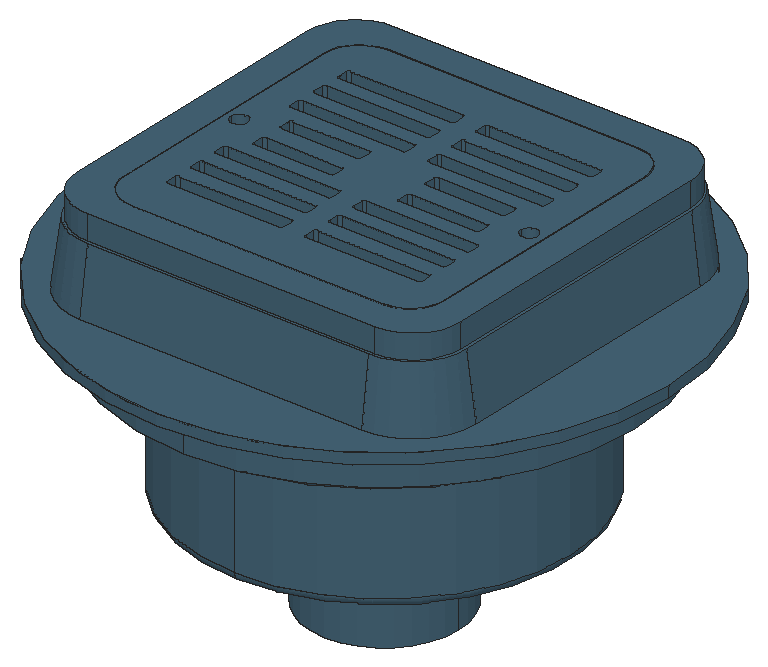
Revit family "Drain_Floor_Square_Hinged_9_Inch_Diameter_Zurn-Z513-Heavy-Duty", category Plumbing Fixtures, Revit 2022
Family settings
  Round Connector Dimension = Use Radius
  Part Type = Normal
  OmniClass Number = 23.45.55.21
  OmniClass Title = Drains (Wastes)
  Work Plane-Based = No
  Always vertical = Yes
  Cut with Voids When Loaded = No
  Maintain Annotation Orientation = No
  Shared = No
  Room Calculation Point = No
Parameters (values of type "Z513-3 Inch Neo-Loc Outlet")
  ZN_Top Visibility = no
  ZN_Top = 9.000"
  ZN_Frame Height = 2.3125"
  Width = 9.000"
  Waste Connection = 1 = 1  # yes
  WFU = 1  # constant formula
  Vent Connection = 1 = 0  # no
  URL = "www.zurn.com"
  Product data URL = "https://www.bimobject.com/en-in/zurnindustries/product/zurn-z513"
  Product Page URL = "https://www.zurn.com/products/drainage-interceptors/floor-drains/area-drains/z513"
  Product Documentation Link = "https://files.zurn.com/spec-sheets/z513.pdf"
  Modified Date = "12/12/2025"  # constant formula
  Model = "Z513"  # constant formula
  Manufacturer Brand = "Zurn"  # constant formula
  Manufacturer = "Zurn Water, LLC"  # constant formula
  HWFU = 0  # constant formula
  HW Connection = 1 = 0  # no
  Grate width = 7.500"
  Grate Width = 7.500"
  Grate Open Area Sq. In = 20.000"  # constant formula
  Description = "9 [229] SQUARE HINGED HEAVY-DUTY DRAIN"  # constant formula
  Date Created = "11/13/2018"  # constant formula
  CWFU = 0  # constant formula
  CW Connection = 1 = 0  # no
  Bottom Plate Width = 13.375"
  Pipe Size_A Outer Radius = 1.750"
  Pipe Size_A Nominal Radius = 1.500"
  Pipe Size_A Inside Radius = 1.534"
  Main Material = Iron - Zurn - Cast - Painted - Blue
  Grate Material = Iron - Zurn - Cast - Painted - Blue
  Default Elevation = 20.000"
  Body Height_E [instance] = 6.625"
  B = 1.73622"
  Assembly Code = "D2030300"
  Approx. Wt.Lbs. = 57.000"  # constant formula
Types (5): name | ZN_Top Visibility | ZN_Top | ZN_Frame Height | Grate width | Pipe Size_A Outer Radius | Pipe Size_A Nominal Radius | Pipe Size_A Inside Radius | Grate Material | Default Elevation
  (no name) | no | 9.000" | 2.3125" | 7.500" | 1.750" | 1.500" | 1.534" | Iron - Zurn - Cast - Painted - Blue | 20.000"
  Z513-3 Inch Neo-Loc Outlet | no | 9.000" | 2.3125" | 7.500" | 1.750" | 1.500" | 1.534" | Iron - Zurn - Cast - Painted - Blue | 20.000"
  Z513-4 Inch Neo-Loc Outlet | no | 9.000" | 2.313" | 7.500" | 2.250" | 2.000" | 2.013" | Iron - Zurn - Cast - Painted - Blue | 0.000"
  ZN513-3 Inch Neo-Loc Outlet | yes | 9.750" | 2.500" | 7.500" | 1.750" | 1.500" | 1.534" | Bronze - Zurn - Polished Nickel | 0.000"
  ZN513-4 Inch Neo-Loc Outlet | yes | 9.750" | 2.500" | 8.375" | 2.250" | 2.000" | 2.013" | Bronze - Zurn - Polished Nickel | 0.000"
Reference planes (in)
  plane 1 "Center (Front/Back)": y = 0
  plane 2: z = 0
  plane 3 "Center (Left/Right)": x = 0
  plane 4: z = -2.3125
  plane 5: z = -8.9375
  plane 6: y = -4.5
  plane 7: y = 4.5
  plane 8: y = -6.6875
  plane 9: y = 6.6875
  plane 10: x = -6.6875
  plane 11: x = 6.6875
  plane 12: x = -4.5
  plane 13: x = 4.5
  plane 14: z = -6.625
  plane 15 "ZN_Plane-1": x = -4.5
  plane 16 "ZN_Plane 2": x = 4.5
  plane 17: z = -0.5625
  plane 18: z = 0
  plane 19: x = -1.75
  plane 20: x = 1.75
  plane 21: y = 1.75
  plane 22: y = -1.75
  plane 23: z = 0
  plane 24: z = -2.0625
  plane 25: z = -0.28125
  plane 26: y = -4.5
  plane 27: y = 4.5
  plane 28: y = 2.95
  plane 29: y = -2.95
  plane 30: y = 2.16667
  plane 31: y = 1.08333
  plane 32: y = -1.08333
  plane 33: y = -3.25
  plane 34: y = -2.16667
  plane 35: y = 3.25
  plane 36: x = -2.16667
  plane 37: x = -1.08333
  plane 38: x = 1.08333
  plane 39: x = 2.16667
  plane 40: x = 3.25
  plane 41: x = -3.25
Forms (in)
  Extrusion 1, solid, material "Iron - Zurn - Cast - Painted - Blue" <- "Main Material", detail levels fine
    sketch origin (0, 0, 0) x (1, 0, 0) y (0, 1, 0)
      loop
        circle (0, 0) r 6.6875
      loop
        arc (-3.30442, 4.15625) -> (-3.92885, 3.8976) -> (-4.1875, 3.27317) r 0.88308
        line (-4.1875, 3.27317) -> (-4.1875, -3.27317)
        arc (-4.1875, -3.27317) -> (-3.92885, -3.8976) -> (-3.30442, -4.15625) r 0.88308
        line (-3.30442, -4.15625) -> (3.30442, -4.15625)
        arc (3.30442, -4.15625) -> (3.92885, -3.8976) -> (4.1875, -3.27317) r 0.88308
        line (4.1875, -3.27317) -> (4.1875, 3.27317)
        arc (4.1875, 3.27317) -> (3.92885, 3.8976) -> (3.30442, 4.15625) r 0.88308
        line (3.30442, 4.15625) -> (-3.30442, 4.15625)
    from -2.0625 to -2.3125
  Sweep 2, solid, material "Iron - Zurn - Cast - Painted - Blue" <- "Main Material", detail levels fine
    path origin (0, 0, 0) x (1, 0, 0) y (0, 1, 0)
      loop
        arc (3.30442, -4.1875) -> (3.92885, -3.92885) -> (4.1875, -3.30442) r 0.88308
        line (4.1875, -3.30442) -> (4.1875, 3.30442)
        arc (4.1875, 3.30442) -> (3.92885, 3.92885) -> (3.30442, 4.1875) r 0.88308
        line (3.30442, 4.1875) -> (-3.30442, 4.1875)
        arc (-3.30442, 4.1875) -> (-3.92885, 3.92885) -> (-4.1875, 3.30442) r 0.88308
        line (-4.1875, 3.30442) -> (-4.1875, -3.30442)
        arc (-4.1875, -3.30442) -> (-3.92885, -3.92885) -> (-3.30442, -4.1875) r 0.88308
        line (-3.30442, -4.1875) -> (3.30442, -4.1875)
    profile origin (0, -4.1875, 0) x (0, -1, 0) y (0, 0, 1)
      loop
        line (-0.12993, -0.5625) -> (-0.12993, -2.3125) -> (0.64267, -2.3125) -> (0.40129, -0.5625) -> (-0.12993, -0.5625)
  Revolve 3, solid, material "Iron - Zurn - Cast - Painted - Blue" <- "Main Material", detail levels fine
    sketch origin (0, 0, 0) x (0, 1, 0) y (0, 0, 1)
      loop
        line (-4.386, -3.71233) -> (-4.386, -6.42433)
        arc (-4.386, -6.42433) -> (-4.33223, -6.56125) -> (-4.19967, -6.625) r 0.20122
        line (-4.19967, -6.625) -> (0, -6.625) -> (0, -6.42815) -> (-3.90866, -6.42815)
        arc (-3.90866, -6.42815) -> (-4.02843, -6.33362) -> (-4.07534, -6.18843) r 0.26235
        line (-4.07534, -6.18843) -> (-4.13477, -2.3125) -> (-5.88067, -2.3125) -> (-5.88067, -3.25367) -> (-5.43233, -3.526) -> (-4.52933, -3.526)
        arc (-4.52933, -3.526) -> (-4.42598, -3.59479) -> (-4.386, -3.71233) r 0.19278
      axis (0, -2.3125) -> (0, -6.625)
    angle from 0 to 360
  Extrusion 4, solid, material "Iron - Zurn - Cast - Painted - Blue" <- "Main Material", detail levels fine
    sketch origin (168, 0, -6.625) x (1, 0, 0) y (0, -1, 0)
      loop
        circle (-168, 0) r 1.75
      loop
        circle (-168, 0) r 1.534
    from 0 to 2.3125
  Extrusion 5, solid, material "Iron - Zurn - Cast - Painted - Blue" <- "Grate Material", visible <- "ZN_Top Visibility", detail levels fine
    sketch origin (0, 0, 0) x (1, 0, 0) y (0, 1, 0)
      loop
        arc (-3.375, 4.5) -> (-4.1705, 4.1705) -> (-4.5, 3.375) r 1.125
        line (-4.5, 3.375) -> (-4.5, -3.375)
        arc (-4.5, -3.375) -> (-4.1705, -4.1705) -> (-3.375, -4.5) r 1.125
        line (-3.375, -4.5) -> (3.375, -4.5)
        arc (3.375, -4.5) -> (4.1705, -4.1705) -> (4.5, -3.375) r 1.125
        line (4.5, -3.375) -> (4.5, 3.375)
        arc (4.5, 3.375) -> (4.1705, 4.1705) -> (3.375, 4.5) r 1.125
        line (3.375, 4.5) -> (-3.375, 4.5)
    from -0.5625 to 0
  Extrusion 6, void
    sketch origin (0, 0, 0) x (0, 1, 0) y (1, 0, 0)
      loop
        line (3.75, -2.95) -> (3.75, 2.95)
        arc (3.75, 2.95) -> (3.51569, 3.51569) -> (2.95, 3.75) r 0.8
        line (2.95, 3.75) -> (-2.95, 3.75)
        arc (-2.95, 3.75) -> (-3.51569, 3.51569) -> (-3.75, 2.95) r 0.8
        line (-3.75, 2.95) -> (-3.75, -2.95)
        arc (-3.75, -2.95) -> (-3.51569, -3.51569) -> (-2.95, -3.75) r 0.8
        line (-2.95, -3.75) -> (2.95, -3.75)
        arc (2.95, -3.75) -> (3.51569, -3.51569) -> (3.75, -2.95) r 0.8
    from 0 to 0.75
  Extrusion 7, solid, material "Iron - Zurn - Cast - Painted - Blue" <- "Grate Material", not visible, detail levels fine
    sketch origin (0, 0, 0) x (1, 0, 0) y (0, 1, 0)
      loop
        arc (-3.375, 4.5) -> (-4.1705, 4.1705) -> (-4.5, 3.375) r 1.125
        line (-4.5, 3.375) -> (-4.5, -3.375)
        arc (-4.5, -3.375) -> (-4.1705, -4.1705) -> (-3.375, -4.5) r 1.125
        line (-3.375, -4.5) -> (3.375, -4.5)
        arc (3.375, -4.5) -> (4.1705, -4.1705) -> (4.5, -3.375) r 1.125
        line (4.5, -3.375) -> (4.5, 3.375)
        arc (4.5, 3.375) -> (4.1705, 4.1705) -> (3.375, 4.5) r 1.125
        line (3.375, 4.5) -> (-3.375, 4.5)
    from -0.5625 to 0
  Extrusion 8, solid, material "Iron - Zurn - Cast - Painted - Blue" <- "Grate Material", detail levels fine
    sketch origin (0, 0, 0) x (1, 0, 0) y (0, 1, 0)
      loop
        arc (-3.375, 4.5) -> (-4.1705, 4.1705) -> (-4.5, 3.375) r 1.125
        line (-4.5, 3.375) -> (-4.5, -3.375)
        arc (-4.5, -3.375) -> (-4.1705, -4.1705) -> (-3.375, -4.5) r 1.125
        line (-3.375, -4.5) -> (3.375, -4.5)
        arc (3.375, -4.5) -> (4.1705, -4.1705) -> (4.5, -3.375) r 1.125
        line (4.5, -3.375) -> (4.5, 3.375)
        arc (4.5, 3.375) -> (4.1705, 4.1705) -> (3.375, 4.5) r 1.125
        line (3.375, 4.5) -> (-3.375, 4.5)
      loop
        line (2.95, 3.75) -> (-2.95, 3.75)
        arc (-2.95, 3.75) -> (-3.51569, 3.51569) -> (-3.75, 2.95) r 0.8
        line (-3.75, 2.95) -> (-3.75, -2.95)
        arc (-3.75, -2.95) -> (-3.51569, -3.51569) -> (-2.95, -3.75) r 0.8
        line (-2.95, -3.75) -> (2.95, -3.75)
        arc (2.95, -3.75) -> (3.51569, -3.51569) -> (3.75, -2.95) r 0.8
        line (3.75, -2.95) -> (3.75, 2.95)
        arc (3.75, 2.95) -> (3.51569, 3.51569) -> (2.95, 3.75) r 0.8
    from -0.5625 to 0
Cuts and joins
  Extrusion 6 cuts Extrusion 1
  Extrusion 6 cuts Revolve 3
  joined: Extrusion 1, Revolve 3
  Extrusion 6 cuts Extrusion 4
  Extrusion 6 cuts Extrusion 5
Lines and regions (in)
  Masking region 1, detail levels fine
    outline origin (0, 0, 0) x (1, 0, 0) y (0, 1, 0)
      loop
        circle (0, 0) r 6.6875
  model lines, detail levels coarse+medium
    curve 1: line (0, 0, 0) -> (0, 0, -8.9375)
    curve 2: line (-1.75, 0, -8.9375) -> (1.75, 0, -8.9375)
    curve 3: line (0, -1.75, -8.9375) -> (0, 1.75, -8.9375)
    curve 4: arc (-3.375, 4.5, 0) -> (-4.1705, 4.1705, 0) -> (-4.5, 3.375, 0) r 1.125
    curve 5: line (3.375, 4.5, 0) -> (-3.375, 4.5, 0)
    curve 6: arc (4.5, 3.375, 0) -> (4.1705, 4.1705, 0) -> (3.375, 4.5, 0) r 1.125
    curve 7: line (4.5, -3.375, 0) -> (4.5, 3.375, 0)
    curve 8: arc (3.375, -4.5, 0) -> (4.1705, -4.1705, 0) -> (4.5, -3.375, 0) r 1.125
    curve 9: line (-3.375, -4.5, 0) -> (3.375, -4.5, 0)
    curve 10: arc (-4.5, -3.375, 0) -> (-4.1705, -4.1705, 0) -> (-3.375, -4.5, 0) r 1.125
    curve 11: line (-4.5, 3.375, 0) -> (-4.5, -3.375, 0)
    curve 12: arc (-3.75, 2.95, 0) -> (-3.51569, 3.51569, 0) -> (-2.95, 3.75, 0) r 0.8
    curve 13: line (-2.95, 3.75, 0) -> (2.95, 3.75, 0)
    curve 14: arc (2.95, 3.75, 0) -> (3.51569, 3.51569, 0) -> (3.75, 2.95, 0) r 0.8
    curve 15: line (3.75, 2.95, 0) -> (3.75, -2.95, 0)
    curve 16: arc (3.75, -2.95, 0) -> (3.51569, -3.51569, 0) -> (2.95, -3.75, 0) r 0.8
    curve 17: line (2.95, -3.75, 0) -> (-2.95, -3.75, 0)
    curve 18: line (2.95, -3.75, 0) -> (-2.95, -3.75, 0)
    curve 19: arc (-2.95, -3.75, 0) -> (-3.51569, -3.51569, 0) -> (-3.75, -2.95, 0) r 0.8
    curve 20: line (-3.75, -2.95, 0) -> (-3.75, 2.95, 0)
    curve 21: line (-3.69162, 3.25, 0) -> (3.69162, 3.25, 0)
    curve 22: line (-3.75, 2.16667, 0) -> (3.75, 2.16667, 0)
    curve 23: line (-3.75, 1.08333, 0) -> (3.75, 1.08333, 0)
    curve 24: line (-3.75, 0, 0) -> (3.75, 0, 0)
    curve 25: line (-3.75, -1.08333, 0) -> (3.75, -1.08333, 0)
    curve 26: line (-3.75, -2.16667, 0) -> (3.75, -2.16667, 0)
    curve 27: line (-3.69162, -3.25, 0) -> (3.69162, -3.25, 0)
    curve 28: line (-3.25, -3.69162, 0) -> (-3.25, 3.69162, 0)
    curve 29: line (-2.16667, 3.75, 0) -> (-2.16667, -3.75, 0)
    curve 30: line (-1.08333, 3.75, 0) -> (-1.08333, -3.75, 0)
    curve 31: line (0, 3.75, 0) -> (0, -3.75, 0)
    curve 32: line (1.08333, 3.75, 0) -> (1.08333, -3.75, 0)
    curve 33: line (2.16667, 3.75, 0) -> (2.16667, -3.75, 0)
    curve 34: line (3.25, 3.69162, 0) -> (3.25, -3.69162, 0)
Dimensions and locks (in)
  locked: Revolve 3 sketch curve to plane 1 "Center (Front/Back)" at 4.07534
  locked: Revolve 3 sketch curve to plane 1 "Center (Front/Back)" at 4.386
  locked: Revolve 3 sketch curve to plane 1 "Center (Front/Back)" at 4.19967
  locked: Revolve 3 sketch curve to plane 1 "Center (Front/Back)" at 3.90866
  level to Revolve 3 sketch curve = 6.625"
  locked: plane 5 to plane 4 at 6.625
  plane 6 to plane 1 "Center (Front/Back)" to plane 7 = 4.500", 4.500"
  "Width": plane 6 to plane 7
  equal spacing: plane 8, plane 1 "Center (Front/Back)", plane 9
  "Bottom Plate Width": plane 8 to plane 9
  equal spacing: plane 11, plane 3 "Center (Left/Right)", plane 10
  "Bottom Plate Width": plane 11 to plane 10
  equal spacing: plane 13, plane 3 "Center (Left/Right)", plane 12
  "Width": plane 13 to plane 12
  locked: Sweep 2 sketch curve to plane 6 at 0.3125
  locked: plane 7 to Sweep 2 sketch curve at 0.3125
  plane 5 to plane 14 = 2.3125"
  level to plane 4 = 2.3125"
  plane 12 to plane 13 = 9.000"
  equal spacing: plane 15 "ZN_Plane-1", plane 3 "Center (Left/Right)", plane 16 "ZN_Plane 2"
  "ZN_Top": plane 15 "ZN_Plane-1" to plane 16 "ZN_Plane 2"
  equal spacing: plane 19, plane 3 "Center (Left/Right)", plane 20
  "Pipe Size_A Outer Radius": plane 3 "Center (Left/Right)" to plane 20
  equal spacing: plane 21, plane 1 "Center (Front/Back)", plane 22
  "Pipe Size_A Outer Radius": plane 22 to plane 1 "Center (Front/Back)"
  "Body Height_E": plane 4 to plane 5
  "ZN_Frame Height": plane 4 to plane 23
  locked: plane 4 to plane 24 at 0.25
  plane 4 to plane 2 = 2.3125"
  level to plane 2 = 0.000"
  plane 2 to plane 25 = 0.28125"
  plane 2 to plane 17 = 0.5625"
  equal spacing: plane 26, plane 1 "Center (Front/Back)", plane 27
  "ZN_Top": plane 26 to plane 27
  plane 16 "ZN_Plane 2" to plane 15 "ZN_Plane-1" = 9.000"
  plane 7 to plane 6 = 9.000"
  equal spacing: Extrusion 6 sketch curve, plane 3 "Center (Left/Right)", Extrusion 6 sketch curve
  plane 3 "Center (Left/Right)" to Extrusion 6 sketch curve = 3.750"
  equal spacing: Extrusion 6 sketch curve, plane 1 "Center (Front/Back)", Extrusion 6 sketch curve
  plane 1 "Center (Front/Back)" to Extrusion 6 sketch curve = 3.750"
  equal spacing: plane 35, plane 30, plane 31, plane 1 "Center (Front/Back)", plane 32, plane 34, plane 33
  locked: Extrusion 8 to plane 41 at 0.5
  locked: plane 40 to Extrusion 8 at 0.5
  equal spacing: plane 41, plane 36, plane 37, plane 3 "Center (Left/Right)", plane 38, plane 39, plane 40
  "Pipe Size_A Inside Radius": radius of Extrusion 4 sketch curve
  "Pipe Size_A Outer Radius": radius of Extrusion 4 sketch curve
  radius of Masking region 1 sketch curve = 6.6875"
  radius of Extrusion 6 sketch curve = 0.800"
  aligned and locked: plane 4 to Sweep 2 sketch curve
  aligned and locked: plane 1 "Center (Front/Back)" to Extrusion 4 sketch curve  (x2)
  aligned and locked: plane 3 "Center (Left/Right)" to Extrusion 4 sketch curve  (x2)
  aligned and locked: Extrusion 4 to curve 1
  aligned and locked: Extrusion 4 to cut or joined group of Extrusion 1, Revolve 3, Extrusion 6
  aligned and locked: Extrusion 5 sketch curve to plane 16 "ZN_Plane 2"
  aligned and locked: plane 15 "ZN_Plane-1" to Extrusion 5 sketch curve
  aligned and locked: plane 19 to curve 2
  aligned and locked: plane 20 to curve 2
  aligned and locked: plane 1 "Center (Front/Back)" to curve 2
  aligned and locked: plane 21 to curve 3
  aligned and locked: plane 22 to curve 3
  aligned and locked: plane 3 "Center (Left/Right)" to curve 3
  aligned and locked: level to plane 23
  aligned and locked: Extrusion 1 to Revolve 3
  aligned and locked: level to Extrusion 5
  aligned and locked: plane 4 to cut or joined group of Extrusion 1, Revolve 3, Extrusion 6
  aligned and locked: plane 24 to cut or joined group of Extrusion 1, Revolve 3, Extrusion 6
  aligned and locked: plane 17 to Sweep 2 sketch curve
  aligned and locked: plane 26 to Extrusion 5 sketch curve
  aligned and locked: plane 28 to Extrusion 6 sketch curve  (x2)
  aligned and locked: plane 1 "Center (Front/Back)" to nested 1
  aligned and locked: plane 3 "Center (Left/Right)" to nested 1
  aligned and locked: level to nested 1
  aligned and locked: Extrusion 7 sketch curve to cut or joined group of Extrusion 5, Extrusion 6  (x4)
  aligned and locked: Extrusion 7 to Sweep 2
  aligned and locked: level to Extrusion 7
  aligned and locked: cut or joined group of Extrusion 5, Extrusion 6 to plane 17
  aligned and locked: Extrusion 4 to plane 5
  aligned and locked: plane 29 to Extrusion 6 sketch curve
  aligned and locked: Extrusion 8 to Sweep 2
  aligned and locked: level to Extrusion 8
  aligned and locked: curve 4 to Extrusion 8
  aligned and locked: curve 6 to Extrusion 8
  aligned and locked: curve 8 to Extrusion 8
  aligned and locked: curve 10 to Extrusion 8
  aligned and locked: curve 12 to Extrusion 8
  aligned and locked: curve 14 to Extrusion 8
  aligned and locked: curve 16 to Extrusion 8
  aligned and locked: curve 20 to Extrusion 8
  aligned and locked: curve 21 to plane 35
  aligned and locked: curve 22 to plane 30
  aligned and locked: curve 23 to plane 31
  aligned and locked: plane 1 "Center (Front/Back)" to curve 24
  aligned and locked: curve 25 to plane 32
  aligned and locked: curve 26 to plane 34
  aligned and locked: curve 27 to plane 33
  aligned and locked: plane 41 to curve 28
  aligned and locked: curve 29 to plane 36
  aligned and locked: curve 30 to plane 37
  aligned and locked: curve 31 to plane 3 "Center (Left/Right)"
  aligned and locked: curve 32 to plane 38
  aligned and locked: curve 33 to plane 39
  aligned and locked: curve 34 to plane 40
Automatic sketch dimensions
  plane 1 "Center (Front/Back)" to Extrusion 1 sketch curve = 0.000"
  Extrusion 1 sketch curve to plane 3 "Center (Left/Right)" = 0.000"
  Extrusion 1 sketch curve to plane 3 "Center (Left/Right)" = 3.30442"  (x2)
  Extrusion 1 sketch curve to Extrusion 1 sketch curve = 0.88308"  (x2)
  plane 3 "Center (Left/Right)" to Extrusion 1 sketch curve = 3.30442"  (x2)
  plane 1 "Center (Front/Back)" to Extrusion 1 sketch curve = 3.27317"
  Extrusion 1 sketch curve to plane 1 "Center (Front/Back)" = 3.27317"
  Sweep 2 sketch curve to plane 3 "Center (Left/Right)" = 4.1875"
  Sweep 2 sketch curve to Sweep 2 sketch curve = 0.88308"  (x3)
  plane 3 "Center (Left/Right)" to Sweep 2 sketch curve = 3.30442"  (x2)
  curve 1 to plane 3 "Center (Left/Right)" = 0.000"
  curve 1 to level = 0.000"
  curve 1 to plane 5 = 0.000"
  Revolve 3 sketch curve to plane 1 "Center (Front/Back)" = 0.000"  (x2)
  Revolve 3 sketch curve to plane 6 = 0.02933"
  Revolve 3 sketch curve to plane 6 = 0.07878"
  Revolve 3 sketch curve to Revolve 3 sketch curve = 0.85355"
  Revolve 3 sketch curve to Revolve 3 sketch curve = 0.44833"
  Revolve 3 sketch curve to Revolve 3 sketch curve = 0.20122"
  plane 6 to Revolve 3 sketch curve = 0.36523"
  Revolve 3 sketch curve to Revolve 3 sketch curve = 0.26231"
  Revolve 3 sketch curve to Revolve 3 sketch curve = 0.00382"
  Revolve 3 sketch curve to Revolve 3 sketch curve = 0.23591"
  plane 4 to Revolve 3 sketch curve = 1.39983"
  Revolve 3 sketch curve to Revolve 3 sketch curve = 0.27233"
  plane 4 to Revolve 3 sketch curve = 0.000"
  plane 5 to Revolve 3 sketch curve = 0.00049"
  Revolve 3 sketch curve to Revolve 3 sketch curve = 0.13429"
  Extrusion 5 sketch curve to plane 7 = 1.125"  (x2)
  plane 6 to Extrusion 5 sketch curve = 1.125"  (x2)
  plane 1 "Center (Front/Back)" to Masking region 1 sketch curve = 0.000"
  Masking region 1 sketch curve to plane 3 "Center (Left/Right)" = 0.000"
  profile plane to Sweep 2 sketch curve = 0.12993"
  Sweep 2 sketch curve to profile plane = 0.40129"
  Sweep 2 sketch curve to profile plane = 0.64267"
  plane 12 to Extrusion 5 sketch curve = 1.125"
  plane 12 to Extrusion 7 sketch curve = 1.125"
  Extrusion 8 sketch curve to plane 12 = 0.000"
  Extrusion 8 sketch curve to plane 7 = 0.000"
  plane 12 to Extrusion 8 sketch curve = 1.125"  (x2)
  Extrusion 8 sketch curve to plane 13 = 1.125"
  Extrusion 8 sketch curve to plane 13 = 0.000"
  Extrusion 8 sketch curve to Extrusion 8 sketch curve = 0.425"  (x7)
  Extrusion 8 sketch curve to Extrusion 8 sketch curve = 0.375"
  plane 6 to Extrusion 8 sketch curve = 1.125"
  Extrusion 8 sketch curve to plane 6 = 0.000"
  plane 33 to curve 19 = 0.300"
  radius of Extrusion 1 sketch curve = 6.6875"
Nested families (in)
  nested 1: "Grate_Z" at (0, 0, -0.5625), Grate Material <- "Grate Material", type "Grate_Z"
    with Grate Material Iron - Zurn - Cast - Painted - Blue, Frame Adjustment Height 3.063"
Connectors (in)
  piping at (0, 0, -8.9375), diameter 3, driven by "Pipe Size_A Nominal Radius", driven by "Waste Connection"
    settings: on Extrusion 4, index 1, connector inside diameter 609.6 mm, connector length 0.000", flow factor 0, pipe flow 0.0 L/s, pressure drop 0.0 Pa, fitting loss kfactor 0, connector angle 0.00°, fixture units 0, engagement length 0.000", angle of deflection 0.00°, flow configuration 0, flow direction 2, fitting loss method 0, system type 16, joint type 0, gender type 0, connector reference index -1, connector utility 1, adjustable connector no, is connector primary yes, connector description "Sanitary Outlet"
Definition of nested family "Grate_Z"
  Parameters (values of type "Grate_Z")
    Waste Connection = 1 = 1  # yes
    WFU = 1  # constant formula
    Vent Connection = 1 = 0  # no
    URL = "www.zurn.com"
    Product data url = ""
    Product Page URL = ""
    Product Installation Sheet URL = ""
    Product Documentation Link = ""
    Modified Date = ""
    Manufacurer Brand = "Zurn"  # constant formula
    Manufacturer = "Zurn Water, LLC"  # constant formula
    HWFU = 0  # constant formula
    HW Connection = 1 = 0  # no
    Grate Width = 7.500"
    Grate Open Area = 0.000"
    Grate Material [instance] = none
    Frame Adjustment Height [instance] = 3.063"
    Default Elevation = 20.000"  # constant formula
    Date Created = ""
    CWFU = 0  # constant formula
    CW Connection = 1 = 0  # no
    Assembly Code = ""
    Approx. Weight (Lbs) = 0.000"
  Reference planes (in)
    plane 1 "Center (Front/Back)": y = 0
    plane 2: z = 0
    plane 3 "Center (Left/Right)": x = 0
    plane 4: y = 3.75
    plane 5: y = -3.75
    plane 6: x = 3.75
    plane 7: x = -3.75
    plane 8: z = 0.5625
    plane 9: x = -3.5
    plane 10: x = -0.25
    plane 11: y = 2.69003
    plane 12: y = 2.33702
    plane 13: y = 1.98402
    plane 14: y = 1.63102
    plane 15: y = 1.27801
    plane 16: y = 0.92501
    plane 17: y = 0.572
    plane 18: y = 0.219
    plane 19: y = -0.219
  Forms (in)
    Extrusion 1, solid, material <- "Grate Material", detail levels fine
      sketch origin (0, 0, 0) x (1, 0, 0) y (0, 1, 0)
        loop
          arc (-2.95, 3.75) -> (-3.51569, 3.51569) -> (-3.75, 2.95) r 0.8
          line (-3.75, 2.95) -> (-3.75, -2.95)
          arc (-3.75, -2.95) -> (-3.51569, -3.51569) -> (-2.95, -3.75) r 0.8
          line (-2.95, -3.75) -> (2.95, -3.75)
          arc (2.95, -3.75) -> (3.51569, -3.51569) -> (3.75, -2.95) r 0.8
          line (3.75, -2.95) -> (3.75, 2.95)
          arc (3.75, 2.95) -> (3.51569, 3.51569) -> (2.95, 3.75) r 0.8
          line (2.95, 3.75) -> (-2.95, 3.75)
      from 0 to 0.5625
    Extrusion 2, void
      sketch origin (0, 0, 0) x (1, 0, 0) y (0, 1, 0)
        loop
          arc (-2.9375, 2.69003) -> (-2.98169, 2.67172) -> (-3, 2.62753) r 0.0625
          line (-3, 2.62753) -> (-3, 2.39952)
          arc (-3, 2.39952) -> (-2.98169, 2.35533) -> (-2.9375, 2.33702) r 0.0625
          line (-2.9375, 2.33702) -> (-0.3125, 2.33702)
          arc (-0.3125, 2.33702) -> (-0.26831, 2.35533) -> (-0.25, 2.39952) r 0.0625
          line (-0.25, 2.39952) -> (-0.25, 2.62753)
          arc (-0.25, 2.62753) -> (-0.26831, 2.67172) -> (-0.3125, 2.69003) r 0.0625
          line (-0.3125, 2.69003) -> (-2.9375, 2.69003)
        loop
          circle (-3.41036, 0) r 0.2
        loop
          arc (-2.9375, 1.98402) -> (-2.98169, 1.96571) -> (-3, 1.92152) r 0.0625
          line (-3, 1.92152) -> (-3, 1.69352)
          arc (-3, 1.69352) -> (-2.98169, 1.64932) -> (-2.9375, 1.63102) r 0.0625
          line (-2.9375, 1.63102) -> (-0.3125, 1.63102)
          arc (-0.3125, 1.63102) -> (-0.26831, 1.64932) -> (-0.25, 1.69352) r 0.0625
          line (-0.25, 1.69352) -> (-0.25, 1.92152)
          arc (-0.25, 1.92152) -> (-0.26831, 1.96571) -> (-0.3125, 1.98402) r 0.0625
          line (-0.3125, 1.98402) -> (-2.9375, 1.98402)
        loop
          arc (-2.9375, 1.27801) -> (-2.98169, 1.25971) -> (-3, 1.21551) r 0.0625
          line (-3, 1.21551) -> (-3, 0.98751)
          arc (-3, 0.98751) -> (-2.98169, 0.94331) -> (-2.9375, 0.92501) r 0.0625
          line (-2.9375, 0.92501) -> (-0.3125, 0.92501)
          arc (-0.3125, 0.92501) -> (-0.26831, 0.94331) -> (-0.25, 0.98751) r 0.0625
          line (-0.25, 0.98751) -> (-0.25, 1.21551)
          arc (-0.25, 1.21551) -> (-0.26831, 1.25971) -> (-0.3125, 1.27801) r 0.0625
          line (-0.3125, 1.27801) -> (-2.9375, 1.27801)
        loop
          arc (-2.59786, 0.572) -> (-2.64205, 0.5537) -> (-2.66036, 0.5095) r 0.0625
          line (-2.66036, 0.5095) -> (-2.66036, 0.2815)
          arc (-2.66036, 0.2815) -> (-2.64205, 0.23731) -> (-2.59786, 0.219) r 0.0625
          line (-2.59786, 0.219) -> (-0.8125, 0.219)
          arc (-0.8125, 0.219) -> (-0.76831, 0.23731) -> (-0.75, 0.2815) r 0.0625
          line (-0.75, 0.2815) -> (-0.75, 0.5095)
          arc (-0.75, 0.5095) -> (-0.76831, 0.5537) -> (-0.8125, 0.572) r 0.0625
          line (-0.8125, 0.572) -> (-2.59786, 0.572)
        loop
          line (2.9375, 2.69003) -> (0.3125, 2.69003)
          arc (0.3125, 2.69003) -> (0.26831, 2.67172) -> (0.25, 2.62753) r 0.0625
          line (0.25, 2.62753) -> (0.25, 2.39952)
          arc (0.25, 2.39952) -> (0.26831, 2.35533) -> (0.3125, 2.33702) r 0.0625
          line (0.3125, 2.33702) -> (2.9375, 2.33702)
          arc (2.9375, 2.33702) -> (2.98169, 2.35533) -> (3, 2.39952) r 0.0625
          line (3, 2.39952) -> (3, 2.62753)
          arc (3, 2.62753) -> (2.98169, 2.67172) -> (2.9375, 2.69003) r 0.0625
        loop
          circle (3.41036, 0) r 0.2
        loop
          line (2.9375, 1.98402) -> (0.3125, 1.98402)
          arc (0.3125, 1.98402) -> (0.26831, 1.96571) -> (0.25, 1.92152) r 0.0625
          line (0.25, 1.92152) -> (0.25, 1.69352)
          arc (0.25, 1.69352) -> (0.26831, 1.64932) -> (0.3125, 1.63102) r 0.0625
          line (0.3125, 1.63102) -> (2.9375, 1.63102)
          arc (2.9375, 1.63102) -> (2.98169, 1.64932) -> (3, 1.69352) r 0.0625
          line (3, 1.69352) -> (3, 1.92152)
          arc (3, 1.92152) -> (2.98169, 1.96571) -> (2.9375, 1.98402) r 0.0625
        loop
          line (2.9375, 1.27801) -> (0.3125, 1.27801)
          arc (0.3125, 1.27801) -> (0.26831, 1.25971) -> (0.25, 1.21551) r 0.0625
          line (0.25, 1.21551) -> (0.25, 0.98751)
          arc (0.25, 0.98751) -> (0.26831, 0.94331) -> (0.3125, 0.92501) r 0.0625
          line (0.3125, 0.92501) -> (2.9375, 0.92501)
          arc (2.9375, 0.92501) -> (2.98169, 0.94331) -> (3, 0.98751) r 0.0625
          line (3, 0.98751) -> (3, 1.21551)
          arc (3, 1.21551) -> (2.98169, 1.25971) -> (2.9375, 1.27801) r 0.0625
        loop
          line (2.59786, 0.572) -> (0.8125, 0.572)
          arc (0.8125, 0.572) -> (0.76831, 0.5537) -> (0.75, 0.5095) r 0.0625
          line (0.75, 0.5095) -> (0.75, 0.2815)
          arc (0.75, 0.2815) -> (0.76831, 0.23731) -> (0.8125, 0.219) r 0.0625
          line (0.8125, 0.219) -> (2.59786, 0.219)
          arc (2.59786, 0.219) -> (2.64205, 0.23731) -> (2.66036, 0.2815) r 0.0625
          line (2.66036, 0.2815) -> (2.66036, 0.5095)
          arc (2.66036, 0.5095) -> (2.64205, 0.5537) -> (2.59786, 0.572) r 0.0625
        loop
          line (-2.9375, -2.69003) -> (-0.3125, -2.69003)
          arc (-0.3125, -2.69003) -> (-0.26831, -2.67172) -> (-0.25, -2.62753) r 0.0625
          line (-0.25, -2.62753) -> (-0.25, -2.39952)
          arc (-0.25, -2.39952) -> (-0.26831, -2.35533) -> (-0.3125, -2.33702) r 0.0625
          line (-0.3125, -2.33702) -> (-2.9375, -2.33702)
          arc (-2.9375, -2.33702) -> (-2.98169, -2.35533) -> (-3, -2.39952) r 0.0625
          line (-3, -2.39952) -> (-3, -2.62753)
          arc (-3, -2.62753) -> (-2.98169, -2.67172) -> (-2.9375, -2.69003) r 0.0625
        loop
          line (-2.9375, -1.98402) -> (-0.3125, -1.98402)
          arc (-0.3125, -1.98402) -> (-0.26831, -1.96571) -> (-0.25, -1.92152) r 0.0625
          line (-0.25, -1.92152) -> (-0.25, -1.69352)
          arc (-0.25, -1.69352) -> (-0.26831, -1.64932) -> (-0.3125, -1.63102) r 0.0625
          line (-0.3125, -1.63102) -> (-2.9375, -1.63102)
          arc (-2.9375, -1.63102) -> (-2.98169, -1.64932) -> (-3, -1.69352) r 0.0625
          line (-3, -1.69352) -> (-3, -1.92152)
          arc (-3, -1.92152) -> (-2.98169, -1.96571) -> (-2.9375, -1.98402) r 0.0625
        loop
          line (-2.9375, -1.27801) -> (-0.3125, -1.27801)
          arc (-0.3125, -1.27801) -> (-0.26831, -1.25971) -> (-0.25, -1.21551) r 0.0625
          line (-0.25, -1.21551) -> (-0.25, -0.98751)
          arc (-0.25, -0.98751) -> (-0.26831, -0.94331) -> (-0.3125, -0.92501) r 0.0625
          line (-0.3125, -0.92501) -> (-2.9375, -0.92501)
          arc (-2.9375, -0.92501) -> (-2.98169, -0.94331) -> (-3, -0.98751) r 0.0625
          line (-3, -0.98751) -> (-3, -1.21551)
          arc (-3, -1.21551) -> (-2.98169, -1.25971) -> (-2.9375, -1.27801) r 0.0625
        loop
          line (-2.59786, -0.572) -> (-0.8125, -0.572)
          arc (-0.8125, -0.572) -> (-0.76831, -0.5537) -> (-0.75, -0.5095) r 0.0625
          line (-0.75, -0.5095) -> (-0.75, -0.2815)
          arc (-0.75, -0.2815) -> (-0.76831, -0.23731) -> (-0.8125, -0.219) r 0.0625
          line (-0.8125, -0.219) -> (-2.59786, -0.219)
          arc (-2.59786, -0.219) -> (-2.64205, -0.23731) -> (-2.66036, -0.2815) r 0.0625
          line (-2.66036, -0.2815) -> (-2.66036, -0.5095)
          arc (-2.66036, -0.5095) -> (-2.64205, -0.5537) -> (-2.59786, -0.572) r 0.0625
        loop
          arc (2.9375, -2.69003) -> (2.98169, -2.67172) -> (3, -2.62753) r 0.0625
          line (3, -2.62753) -> (3, -2.39952)
          arc (3, -2.39952) -> (2.98169, -2.35533) -> (2.9375, -2.33702) r 0.0625
          line (2.9375, -2.33702) -> (0.3125, -2.33702)
          arc (0.3125, -2.33702) -> (0.26831, -2.35533) -> (0.25, -2.39952) r 0.0625
          line (0.25, -2.39952) -> (0.25, -2.62753)
          arc (0.25, -2.62753) -> (0.26831, -2.67172) -> (0.3125, -2.69003) r 0.0625
          line (0.3125, -2.69003) -> (2.9375, -2.69003)
        loop
          arc (2.9375, -1.98402) -> (2.98169, -1.96571) -> (3, -1.92152) r 0.0625
          line (3, -1.92152) -> (3, -1.69352)
          arc (3, -1.69352) -> (2.98169, -1.64932) -> (2.9375, -1.63102) r 0.0625
          line (2.9375, -1.63102) -> (0.3125, -1.63102)
          arc (0.3125, -1.63102) -> (0.26831, -1.64932) -> (0.25, -1.69352) r 0.0625
          line (0.25, -1.69352) -> (0.25, -1.92152)
          arc (0.25, -1.92152) -> (0.26831, -1.96571) -> (0.3125, -1.98402) r 0.0625
          line (0.3125, -1.98402) -> (2.9375, -1.98402)
        loop
          arc (2.9375, -1.27801) -> (2.98169, -1.25971) -> (3, -1.21551) r 0.0625
          line (3, -1.21551) -> (3, -0.98751)
          arc (3, -0.98751) -> (2.98169, -0.94331) -> (2.9375, -0.92501) r 0.0625
          line (2.9375, -0.92501) -> (0.3125, -0.92501)
          arc (0.3125, -0.92501) -> (0.26831, -0.94331) -> (0.25, -0.98751) r 0.0625
          line (0.25, -0.98751) -> (0.25, -1.21551)
          arc (0.25, -1.21551) -> (0.26831, -1.25971) -> (0.3125, -1.27801) r 0.0625
          line (0.3125, -1.27801) -> (2.9375, -1.27801)
        loop
          arc (2.59786, -0.572) -> (2.64205, -0.5537) -> (2.66036, -0.5095) r 0.0625
          line (2.66036, -0.5095) -> (2.66036, -0.2815)
          arc (2.66036, -0.2815) -> (2.64205, -0.23731) -> (2.59786, -0.219) r 0.0625
          line (2.59786, -0.219) -> (0.8125, -0.219)
          arc (0.8125, -0.219) -> (0.76831, -0.23731) -> (0.75, -0.2815) r 0.0625
          line (0.75, -0.2815) -> (0.75, -0.5095)
          arc (0.75, -0.5095) -> (0.76831, -0.5537) -> (0.8125, -0.572) r 0.0625
          line (0.8125, -0.572) -> (2.59786, -0.572)
      from -0.28767 to 0.82124
  Cuts and joins
    Extrusion 2 cuts Extrusion 1
  Dimensions and locks (in)
    equal spacing: plane 4, plane 1 "Center (Front/Back)", plane 5
    plane 4 to plane 5 = 7.500"
    equal spacing: plane 7, plane 3 "Center (Left/Right)", plane 6
    plane 7 to plane 3 "Center (Left/Right)" = 3.750"
    plane 1 "Center (Front/Back)" to plane 5 = 3.750"
    "Grate Width": plane 4 to plane 5
    "Grate Width": plane 7 to plane 6
    plane 8 to level = 0.5625"
    plane 10 to plane 3 "Center (Left/Right)" = 0.250"
    locked: plane 18 to plane 1 "Center (Front/Back)" at 0.219
    equal spacing: plane 11, plane 12, plane 13, plane 14, plane 15, plane 16, plane 17, plane 18
    plane 11 to plane 12 = 0.353"
    Extrusion 2 sketch curve to Extrusion 2 sketch curve = 0.750"  (x2)
    aligned and locked: plane 2 to level
    aligned and locked: Extrusion 1 sketch curve to plane 4
    aligned and locked: plane 6 to Extrusion 1 sketch curve
    aligned and locked: plane 5 to Extrusion 1 sketch curve
    aligned and locked: Extrusion 1 sketch curve to plane 7
    aligned and locked: plane 8 to Extrusion 1
    aligned and locked: Extrusion 2 sketch curve to plane 10
    aligned and locked: plane 1 "Center (Front/Back)" to Extrusion 2 sketch curve  (x2)
    aligned and locked: plane 18 to Extrusion 2 sketch curve
    aligned and locked: Extrusion 2 sketch curve to plane 19
  Automatic sketch dimensions
    Extrusion 1 sketch curve to Extrusion 1 sketch curve = 5.900"  (x2)
    Extrusion 1 sketch curve to plane 4 = 0.800"
    plane 1 "Center (Front/Back)" to Extrusion 1 sketch curve = 2.950"  (x2)
    plane 9 to Extrusion 2 sketch curve = 0.500"  (x5)
    Extrusion 2 sketch curve to plane 14 = 0.000"  (x2)
    Extrusion 2 sketch curve to plane 13 = 0.000"  (x2)
    Extrusion 2 sketch curve to plane 12 = 0.000"  (x2)
    Extrusion 2 sketch curve to plane 15 = 0.000"  (x2)
    Extrusion 2 sketch curve to plane 11 = 0.000"  (x2)
    Extrusion 2 sketch curve to plane 16 = 0.000"  (x2)
    Extrusion 2 sketch curve to plane 17 = 0.000"  (x2)
    Extrusion 2 sketch curve to plane 10 = 0.000"  (x5)
    plane 19 to Extrusion 2 sketch curve = 0.000"
    Extrusion 2 sketch curve to plane 18 = 0.000"
    plane 9 to Extrusion 2 sketch curve = 0.5625"  (x6)
    Extrusion 2 sketch curve to Extrusion 2 sketch curve = 0.0625"  (x36)
    plane 9 to Extrusion 2 sketch curve = 0.08964"
    plane 19 to Extrusion 2 sketch curve = 0.2905"
    Extrusion 2 sketch curve to Extrusion 2 sketch curve = 0.000"  (x13)
    plane 18 to Extrusion 2 sketch curve = 0.0625"  (x2)
    Extrusion 2 sketch curve to plane 10 = 0.5625"
    Extrusion 2 sketch curve to plane 10 = 0.0625"  (x9)
    plane 3 "Center (Left/Right)" to Extrusion 2 sketch curve = 0.250"  (x6)
    plane 12 to Extrusion 2 sketch curve = 0.0625"
    Extrusion 2 sketch curve to plane 15 = 0.0625"
    plane 14 to Extrusion 2 sketch curve = 0.0625"  (x2)
    Extrusion 2 sketch curve to plane 13 = 0.0625"  (x2)
    Extrusion 2 sketch curve to plane 17 = 0.0625"
    Extrusion 2 sketch curve to Extrusion 2 sketch curve = 0.4375"  (x2)
    plane 19 to Extrusion 2 sketch curve = 0.0625"
    plane 6 to Extrusion 2 sketch curve = 1.15214"
    plane 16 to Extrusion 2 sketch curve = 0.0625"
    plane 6 to Extrusion 2 sketch curve = 0.8125"  (x6)
    Extrusion 2 sketch curve to plane 11 = 0.0625"
    Extrusion 2 sketch curve to Extrusion 2 sketch curve = 0.4155"
    plane 19 to Extrusion 2 sketch curve = 0.70601"
    Extrusion 2 sketch curve to Extrusion 2 sketch curve = 0.228"  (x6)
    Extrusion 2 sketch curve to Extrusion 2 sketch curve = 0.353"  (x4)
    Extrusion 2 sketch curve to Extrusion 2 sketch curve = 0.2905"
    radius of Extrusion 2 sketch curve = 0.200"  (x2)
